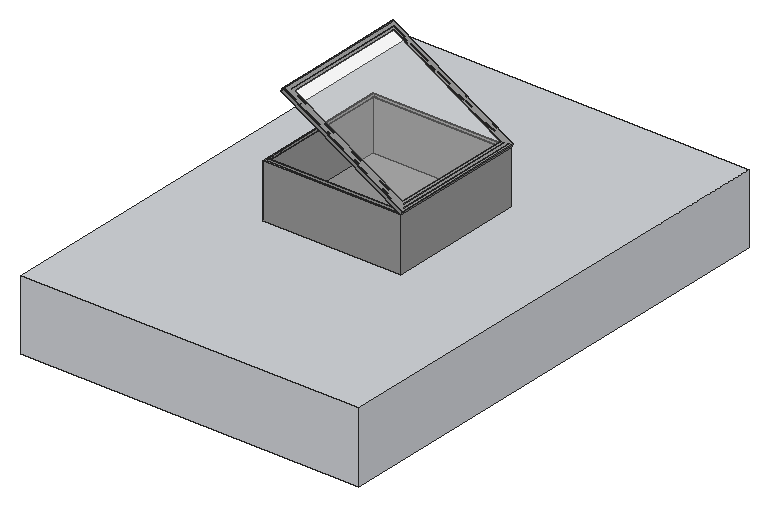
Revit family "Hager-Orion_Inox-IP66-D250-Cl.I-Inox_encl-630A-600mm-CH-en", category Equipement électrique, Revit 2020
Family settings
  Hôte = Face
  Configuration du panneau = Deux colonnes, circuits au sein
  Cote de connecteur circulaire = Utiliser le diamètre
  Type d'élément = Tableau de raccordement
  Couper avec des vides une fois chargée = Non
  Partagée = Non
  Point de calcul de pièce = Non
Parameters (values of type "Surface mounted (plaster) IP66 W600 H600 D250  - FL029TWL")
  Width Control [instance] = if([EF000008 - Width] > Min Width, [EF000008 - Width], Min Width)  # 600 mm
  Commentaires du type = [HG000003 - Range]  # "Orion Inox"
  Thickness Door [instance] = if([EF009171 - Material plate thickness door/cover] > 3 mm, 3 mm, [EF009171 - Material plate thickness door/cover])  # 1.5 mm
  Seal Frame Offset [instance] = 17 mm  # constant formula
  Model = ""
  Min Width [instance] = 100 mm  # constant formula
  Min Height [instance] = 100 mm  # constant formula
  Min Depth [instance] = (2 * [EF009170 - Material plate thickness cabinet]) + 1 mm  # 4 mm
  Internal Frame Depth [instance] = (Door System Depth * 0.5)  # 9 mm
  Height Control [instance] = if([EF000040 - Height] > Min Height, [EF000040 - Height], Min Height)  # 600 mm
  HG000027 - Plinth height = 0 mm
  HG000026 - Floor standing = no
  HG000024 - Bottom section height = 800 mm
  HG000023 - Double section enclosure = no
  HG000016 - Door 3d visibility [instance] = yes
  HG000015 - Clearance visibility [instance] = no
  HG000014 - Door on the right [instance] = yes
  HG000013 - Door on the left [instance] = not([HG000014 - Door on the right])  # no
  HG000012 - Door swing angle [instance] = 30.00°
  HG000010 - Asymmetric doors = no
  HG000009 - Double swing door = no
  HG000006 - Flush mounted = no
  HG000004 - Manufacturer reference = "FL029TWL"
  HG000003 - Range = "Orion Inox"
  HG000002 - With door or cover = yes
  Frame Offset Bottom [instance] = 10 mm  # constant formula
  Frame Offset [instance] = 15 mm  # constant formula
  EF015940 - Cover with overpressure release = no
  EF011959 - Degree of protection (NEMA) = ""
  EF009554 - Number of openings for flange plates = 0
  EF009212 - Cover model = "EV000116 - Closed"
  EF009171 - Material plate thickness door/cover = 1.5 mm
  EF009170 - Material plate thickness cabinet = 1.5 mm
  Fabricant = "Hager"  # constant formula
  EF008873 - Nominal current (In) = 630 A
  EF007800 - Suitable for lightning protection = no
  EF006306 - With lock = yes
  EF006244 - Transparent cover/door = yes
  EF005474 - Degree of protection (IP) = "EV006422 - IP66"
  EF004464 - Type of door = "EV002646 - Single"
  EF004427 - Number of modules = 0
  EF004293 - Impact strength = "EV006814 - IK08"
  EF003532 - Suitable for outdoor use = yes
  EF002950 - Width in number of modular spacings = 0
  EF001613 - Circuit integrity = "EV000494 - None"
  EF001596 - Material housing = "EV000166 - Stainless steel"
  EF001131 - Internal depth = 216 mm
  EF001088 - Extension possible = yes
  EF000437 - Number of conduit inlets = 0
  EF000339 - Type of cover = "EV004216 - Door"
  EF000266 - Number of rows = 0
  EF000218 - Built-in depth = 0 mm
  EF000118 - With mounting plate = no
  EF000116 - RAL-number = ""
  EF000049 - Depth = 250 mm
  EF000040 - Height = 600 mm
  EF000008 - Width = 600 mm
  EF000007 - Colour = "EV000154 - Other"
  EF000003 - Mounting method = "EV000384 - Surface mounted (plaster)"
  Door System Leaf Tolerance [instance] = 1.5 mm  # constant formula
  Door System Depth [instance] = 18 mm  # constant formula
  Depth Control [instance] = if([EF000049 - Depth] > Min Depth, [EF000049 - Depth], Min Depth)  # 250 mm
  Default Elevation = 0 mm
Types (4, lengths in mm): name | Width Control | HG000004 - Manufacturer reference | EF009212 - Cover model | EF006306 - With lock | EF006244 - Transparent cover/door | EF004293 - Impact strength | EF001613 - Circuit integrity | EF000008 - Width
  Surface mounted (plaster) IP66 W400 H600 D250  - FL029BW | 400 | "FL029BW" | "EV009916 - With notch" | no | no | "EV008784 - IK10" | "" | 400
  Surface mounted (plaster) IP66 W600 H600 D250  - FL029BWL | 600 | "FL029BWL" | "EV009916 - With notch" | no | no | "EV008784 - IK10" | "" | 600
  Surface mounted (plaster) IP66 W600 H600 D250  - FL029TW | 600 | "FL029TW" | "EV000116 - Closed" | yes | yes | "EV006814 - IK08" | "EV000494 - None" | 600
  Surface mounted (plaster) IP66 W600 H600 D250  - FL029TWL | 600 | "FL029TWL" | "EV000116 - Closed" | yes | yes | "EV006814 - IK08" | "EV000494 - None" | 600
Reference planes
  plane 1 "Center (Front/Back)": y = 0
  plane 2: z = 0
  plane 3 "Center (Left/Right)": x = 0
  plane 4: z = 250
  plane 5: y = 1.5
  plane 6: y = 300
  plane 7: y = 0
  plane 8: y = 600
  plane 9: z = 0
  plane 10: x = -285
  plane 11: x = 285
  plane 12: x = 283.5
  plane 13: x = -283.5
  plane 14: y = 598.5
  plane 15: x = -283
  plane 16: x = -300
  plane 17: x = 283
  plane 18: x = 300
  plane 19: x = 298.5
  plane 20: x = -298.5
  plane 21: y = 11.5
  plane 22: y = 600
  plane 23: y = 583.5
  plane 24: z = 232
  plane 25: z = 1.5
  plane 26: z = 230.5
  plane 27: z = 248.5
Forms (mm)
  Extrusion 1, solid
    sketch origin (0, 0, 0) x (1, 0, 0) y (0, 1, 0)
      loop
        line (-702.964, 1305) -> (-702.964, -811.445) -> (766.763, -811.445) -> (766.763, 1305) -> (-702.964, 1305)
    from 0 to -304.8
  Extrusion 2, solid, material "Hager_Stainless_Steel", detail levels medium+fine
    sketch origin (0, 0, 0) x (1, 0, 0) y (0, 1, 0)
      loop
        line (-300, 0) -> (300, 0) -> (300, 600) -> (-300, 600) -> (-300, 0)
    from 0 to 232
  Extrusion 3, solid, material "Hager_Steel_RAL 7035_Light_Grey", not visible, detail levels medium+fine
    sketch origin (0, 28.16, 50.802) x (0, 1, 0) y (0, 0, 1)
      loop
        line (323.34, -50.802) -> (323.34, 187.698)
        arc (323.34, 187.698) -> (320.411, 194.769) -> (313.34, 197.698) r 10
        line (313.34, 197.698) -> (283.34, 197.698) -> (283.34, -50.802) -> (323.34, -50.802)
    from -298.5 to 298.5
  Extrusion 4, void
    sketch origin (0, 0, 0) x (1, 0, 0) y (0, 1, 0)
      loop
        line (-298.5, 1.5) -> (298.5, 1.5) -> (298.5, 598.5) -> (-298.5, 598.5) -> (-298.5, 1.5)
    from 1.5 to 230.5
  Extrusion 5, void
    sketch origin (-381.607, -4572, 232) x (0, -1, 0) y (-1, 0, 0)
      loop
        line (-4583.5, -98.107) -> (-5155.5, -98.107) -> (-5155.5, -665.107) -> (-4583.5, -665.107) -> (-4583.5, -98.107)
    from 0 to 1.5 <- "EF009170 - Material plate thickness cabinet"
  Extrusion 6, solid, material "Hager_Stainless_Steel", detail levels fine
    sketch origin (-381.607, -4572, 232) x (-1, 0, 0) y (0, -1, 0)
      loop
        line (-98.107, -4583.5) -> (-665.107, -4583.5) -> (-665.107, -5155.5) -> (-98.107, -5155.5) -> (-98.107, -4583.5)
      loop
        line (-97.107, -4582) -> (-666.107, -4582) -> (-666.107, -5157) -> (-97.107, -5157) -> (-97.107, -4582)
    from 0 to 9 <- "Internal Frame Depth"
  Extrusion 7, solid, material "Hager_Stainless_Steel", detail levels coarse
    sketch origin (0, 0, 0) x (1, 0, 0) y (0, 1, 0)
      loop
        line (-300, 0) -> (300, 0) -> (300, 600) -> (-300, 600) -> (-300, 0)
    from 0 to 250
Cuts and joins
  Extrusion 4, Extrusion 5 cuts Extrusion 2
Lines and regions (mm)
  Masking region 1
    outline origin (0, 0, 0) x (1, 0, 0) y (0, 0, 1)
      loop
        line (-300, 250) -> (-300, 0) -> (300, 0) -> (300, 250) -> (-300, 250)
  Masking region 2, detail levels medium+fine
    outline origin (0, 140, 0) x (0, 1, 0) y (0, 0, 1)
      loop
        line (-140, 0) -> (460, 0) -> (460, 232) -> (-140, 232) -> (-140, 0)
  Masking region 3, not visible, detail levels medium+fine
    outline origin (0, 297.922, 0) x (0, 1, 0) y (0, 0, 1)
      loop
        line (13.578, 0) -> (53.578, 0) -> (53.578, 238.5)
        arc (53.578, 238.5) -> (50.649, 245.571) -> (43.578, 248.5) r 10
        line (43.578, 248.5) -> (13.578, 248.5) -> (13.578, 0)
  Masking region 4, detail levels coarse
    outline origin (0, 0, 180) x (0, 1, 0) y (0, 0, 1)
      loop
        line (0, -180) -> (600, -180) -> (600, 70) -> (0, 70) -> (0, -180)
  Masking region 5
    outline origin (-381.607, -4572, 232) x (-1, 0, 0) y (0, -1, 0)
      loop
        line (-81.607, -5172) -> (-81.607, -4572) -> (-681.607, -4572) -> (-681.607, -5172) -> (-81.607, -5172)
Dimensions and locks
  "Depth Control": plane 4 to Extrusion 1
  "EF009170 - Material plate thickness cabinet": plane 5 to plane 7
  locked: connector elem to plane 3 "Center (Left/Right)"
  equal spacing: plane 8, plane 6, plane 7
  locked: connector elem to plane 6
  "EF009170 - Material plate thickness cabinet": plane 8 to plane 14
  "EF009170 - Material plate thickness cabinet": plane 10 to plane 13
  "EF009170 - Material plate thickness cabinet": plane 12 to plane 11
  "Frame Offset": plane 20 to plane 13
  "Frame Offset": plane 12 to plane 19
  "EF009170 - Material plate thickness cabinet": plane 16 to plane 20
  "EF009170 - Material plate thickness cabinet": plane 19 to plane 18
  "Seal Frame Offset": plane 16 to plane 15
  "Seal Frame Offset": plane 17 to plane 18
  "Frame Offset Bottom": plane 21 to plane 5
  "Frame Offset": plane 14 to plane 23
  equal spacing: plane 16, plane 3 "Center (Left/Right)", plane 18
  "Width Control": plane 16 to plane 18
  "EF009170 - Material plate thickness cabinet": plane 4 to plane 27
  "EF009170 - Material plate thickness cabinet": plane 24 to plane 26
  "EF009170 - Material plate thickness cabinet": plane 25 to level
  "Door System Depth": plane 4 to plane 24
  "Height Control": plane 1 "Center (Front/Back)" to Extrusion 7 sketch curve
  "Height Control": Masking region 4 sketch curve to plane 1 "Center (Front/Back)"
  "Thickness Door": Extrusion 6 sketch curve to plane 15
  "Thickness Door": plane 21 to Extrusion 6 sketch curve
  "Thickness Door": plane 17 to Extrusion 6 sketch curve
  "Thickness Door": Extrusion 6 sketch curve to plane 23
  "Height Control": plane 1 "Center (Front/Back)" to plane 22
  radius of Masking region 3 sketch curve = 10 mm
  radius of Extrusion 3 sketch curve = 10 mm
  aligned and locked: plane 2 to Extrusion 1
  aligned and locked: level to Extrusion 1
  aligned and locked: level to Masking region 1 sketch curve
  aligned and locked: Masking region 1 sketch curve to plane 18
  aligned and locked: Masking region 1 sketch curve to plane 16
  aligned and locked: plane 7 to Masking region 2 sketch curve
  aligned and locked: level to Masking region 3 sketch curve
  aligned and locked: Masking region 3 sketch curve to plane 27
  aligned and locked: level to Masking region 2 sketch curve
  aligned and locked: Extrusion 2 sketch curve to plane 7
  aligned and locked: plane 16 to Extrusion 2 sketch curve
  aligned and locked: plane 18 to Extrusion 2 sketch curve
  aligned and locked: Extrusion 3 sketch curve to level
  aligned and locked: plane 27 to Extrusion 3 sketch curve
  aligned and locked: plane 20 to Extrusion 3
  aligned and locked: plane 19 to Extrusion 3
  aligned and locked: plane 20 to Extrusion 4 sketch curve
  aligned and locked: plane 19 to Extrusion 4 sketch curve
  aligned and locked: Extrusion 4 sketch curve to plane 5
  aligned and locked: Extrusion 4 to plane 25
  aligned and locked: plane 26 to Extrusion 4
  aligned and locked: plane 24 to Extrusion 2
  aligned and locked: Extrusion 5 sketch curve to plane 21
  aligned and locked: Extrusion 5 sketch curve to plane 13
  aligned and locked: Extrusion 5 sketch curve to plane 12
  aligned and locked: plane 18 to Extrusion 7 sketch curve
  aligned and locked: plane 1 "Center (Front/Back)" to Extrusion 7 sketch curve
  aligned and locked: plane 16 to Extrusion 7 sketch curve
  aligned and locked: plane 4 to Extrusion 7
  aligned and locked: Extrusion 7 to level
  aligned and locked: level to Masking region 4 sketch curve
  aligned and locked: Masking region 4 sketch curve to plane 1 "Center (Front/Back)"
  aligned and locked: Masking region 4 sketch curve to plane 4
  aligned and locked: nested 1 to level
  aligned and locked: nested 1 to plane 16
  aligned and locked: plane 8 to Extrusion 2 sketch curve
  aligned and locked: plane 23 to Extrusion 5 sketch curve
  aligned and locked: plane 14 to Extrusion 4 sketch curve
  aligned and locked: Extrusion 6 sketch curve to plane 21
  aligned and locked: plane 13 to Extrusion 6 sketch curve
  aligned and locked: plane 23 to Extrusion 6 sketch curve
  aligned and locked: plane 12 to Extrusion 6 sketch curve
  aligned and locked: Masking region 2 sketch curve to plane 8
  aligned and locked: Masking region 2 sketch curve to plane 24
  aligned and locked: nested 2 to plane 3 "Center (Left/Right)"
  aligned and locked: nested 2 to plane 24
  aligned and locked: Masking region 5 sketch curve to plane 1 "Center (Front/Back)"
  aligned and locked: Masking region 5 sketch curve to plane 18
  aligned and locked: Masking region 5 sketch curve to plane 22
  aligned and locked: Masking region 5 sketch curve to plane 16
  aligned and locked: plane 8 to plane 22
  aligned and locked: plane 7 to plane 1 "Center (Front/Back)"
  aligned and locked: nested 2 to plane 1 "Center (Front/Back)"
Automatic sketch dimensions
  Extrusion 1 sketch curve to Extrusion 1 sketch curve = 1469.727 mm
  Extrusion 1 sketch curve to Extrusion 1 sketch curve = 2116.445 mm
  plane 6 to Masking region 3 sketch curve = 11.5 mm
  Masking region 3 sketch curve to Masking region 3 sketch curve = 30 mm
  plane 6 to Extrusion 3 sketch curve = 11.5 mm
  Extrusion 3 sketch curve to Extrusion 3 sketch curve = 30 mm
  Masking region 1 sketch curve to plane 4 = 0 mm
Nested families
  nested 1: "Hager_Enclosure_Symbol" at (-300, 0, 0) x (1, 0, 0) z (0, -1, 0), Height <- "Depth Control", Width <- "Width Control", type "Hager_Enclosure_Symbol"
    with Width_Ctrl 600 mm, Width 600 mm, Height_Ctrl 250 mm, Height 250 mm, A_Width_Int 16.406 mm, A_Width 196.875 mm, A_Height_Ctrl 218.75 mm, A_Height 218.75 mm
  nested 2: "EC000058_OrionInox_Door" at (0, 600, 232) x (1, 0, 0) z (0, -1, 0), Leaf_Tolerance <- "Door System Leaf Tolerance", Angle <- "HG000012 - Door swing angle", Door_Depth <- "Door System Depth", Door_Left <- "HG000013 - Door on the left", Transparent <- "EF006244 - Transparent cover/door", Assymetrical <- "HG000010 - Asymmetric doors", Width <- "Width Control", Clearance <- "HG000015 - Clearance visibility", Double <- "HG000009 - Double swing door", 3d_Door <- "HG000016 - Door 3d visibility", Width_Ctrl <- "Width Control", Door_Right <- "HG000014 - Door on the right", Door <- "HG000002 - With door or cover", Height <- "Height Control", Thickness <- "Thickness Door", type "EC000058_OrionInox_Door", detail levels medium+fine
    with min_wh 4 mm, Width_Ctrl 600 mm, Width 600 mm, Transparent yes, Thickness 1.5 mm, Seal_Material Hager_Rubber, Leaf_Width 600 mm, Leaf_Tolerance_External_Sides 0 mm, Leaf_Tolerance 1.5 mm, Leaf_Offset 0 mm, Leaf_Height 597 mm, Leaf_2_Width 600 mm, Leaf_2_Offset 300 mm, Leaf_1_Width 600 mm, Leaf_1_Offset 300 mm, Height_Ctrl 600 mm, Height 600 mm, Glass_Material Hager_Glass, Double_Clearance_Ctrl no, Double no, Door_Right_Ctrl yes, Door_Right yes, Door_Material Hager_Stainless_Steel, Door_Left_Ctrl no, Door_Left no, Door_Depth 18 mm, Door yes, Clearance_Material Hager_Clearance, Clearance_Depth 600 mm, Clearance_Ctrl no, Clearance no, Assymetrical no, Angle 30.00°, 3d_Door yes
Connectors
  electrical at (0, 300, 0)
    settings: on plane 9, index 1, voltage 0 V, apparent load 0 VA, apparent load phase1 0 VA, apparent load phase2 0 VA, apparent load phase3 0 VA, power factor 1, load classification "Other", number of poles 1, system type 30, power factor state 1, is connector primary yes, connector utility no, sub classification motor no, connector description ""
Definition of nested family "EC000058_OrionInox_Door"
  Parameters (values of type "EC000058_OrionInox_Door")
    min_wh [instance] = (2 * Thickness) + 1 mm  # 11 mm
    Width_Ctrl [instance] = 400 mm
    Width [instance] = 500 mm
    Transparent [instance] = yes
    Thickness [instance] = 5 mm
    Seal_Material [instance] = none
    Leaf_Width [instance] = if((Width_Ctrl - 2 * Leaf_Tolerance_External_Sides) > 0 mm, (Width_Ctrl - 2 * Leaf_Tolerance_External_Sides), min_wh)  # 400 mm
    Leaf_Tolerance_External_Sides [instance] = 0 mm  # constant formula
    Leaf_Tolerance [instance] = 1.5 mm
    Leaf_Offset [instance] = 0 mm  # constant formula
    Leaf_Height [instance] = if((Height_Ctrl - 2 * Leaf_Tolerance) > 0 mm, (Height_Ctrl - 2 * Leaf_Tolerance), min_wh)  # 497 mm
    Leaf_2_Width [instance] = if(and(and(Double, Assymetrical), Door_Left), (Leaf_Width / 3) - (Leaf_Tolerance / 2), if(and(and(Double, Assymetrical), Door_Right), (Leaf_Width / 3) * 2 - (Leaf_Tolerance / 2), if(and(Double, not(Assymetrical)), (Leaf_Width / 2) - Leaf_Tolerance, Leaf_Width)))  # 400 mm
    Leaf_2_Offset [instance] = if(and(Double, Assymetrical), Leaf_2_Width / 2, if(and(Double, not(Assymetrical)), Leaf_Width / 4, Leaf_Width / 2))  # 200 mm
    Leaf_1_Width [instance] = if(and(and(Double, Assymetrical), Door_Right), (Leaf_Width / 3) - (Leaf_Tolerance / 2), if(and(and(Double, Assymetrical), Door_Left), (Width / 3) * 2 - (Leaf_Tolerance / 2), if(and(Double, not(Assymetrical)), (Leaf_Width / 2) - Leaf_Tolerance, Leaf_Width)))  # 400 mm
    Leaf_1_Offset [instance] = if(and(Double, Assymetrical), Leaf_1_Width / 2, if(and(Double, not(Assymetrical)), Leaf_Width / 4, Leaf_Width / 2))  # 200 mm
    Height_Ctrl [instance] = if(Height > min_wh, Height, min_wh)  # 500 mm
    Height [instance] = 500 mm
    Glass_Material [instance] = none
    Double_Clearance_Ctrl [instance] = and(Double, Clearance)  # no
    Double [instance] = no
    Door_Right_Ctrl [instance] = and(or(Door_Right, Double), Door)  # yes
    Door_Right [instance] = yes
    Door_Material [instance] = none
    Door_Left_Ctrl [instance] = and(or(Door_Left, Double), Door)  # no
    Door_Left [instance] = no
    Door_Depth [instance] = 30 mm
    Door [instance] = yes
    Default Elevation = 1219.2 mm
    Clearance_Material [instance] = none
    Clearance_Depth [instance] = if(Leaf_1_Width > Leaf_2_Width, Leaf_1_Width, Leaf_2_Width)  # 400 mm
    Clearance_Ctrl [instance] = and(not(Double), Clearance)  # yes
    Clearance [instance] = yes
    Assymetrical [instance] = yes
    Angle [instance] = 30.00°
    3d_Door [instance] = yes
  Reference planes
    plane 1 "Center (Front/Back)": y = 0
    plane 2 "Bottom": z = 0
    plane 3 "Center (Left/Right)": x = 0
    plane 4: z = 500
    plane 5: x = -200
    plane 6: x = 200
    plane 7: z = 500
    plane 8: x = -200
    plane 9: z = 0
    plane 10: x = 200
    plane 11: y = 0
    plane 12: z = 1.5
    plane 13: x = -600
    plane 14: y = -400
    plane 15: x = 600
    plane 16: x = 0
    plane 17: x = 0
    plane 18: x = -200
    plane 19: x = 200
    plane 20: z = 498.5
  Forms (mm)
    Extrusion 1, solid, material <- "Clearance_Material", visible <- "Double_Clearance_Ctrl"
      sketch origin (1200, 0, 0) x (1, 0, 0) y (0, 0, -1)
        loop
          line (-1800, -498.5) -> (-600, -498.5) -> (-600, 0) -> (-1800, 0) -> (-1800, -498.5)
      from 0 to -400
  Dimensions and locks
    equal spacing: plane 5, plane 3 "Center (Left/Right)", plane 6
    "Width_Ctrl": plane 5 to plane 6
    "Leaf_Offset": plane 5 to plane 8
    "Leaf_Offset": plane 6 to plane 10
    "Leaf_Offset": plane 9 to level
    "Leaf_Offset": plane 4 to plane 7
    "Height_Ctrl": plane 4 to level
    "Leaf_Tolerance": plane 12 to plane 9
    locked: plane 11 to plane 1 "Center (Front/Back)"
    "Leaf_1_Offset": plane 18 to plane 16
    "Leaf_2_Offset": plane 17 to plane 19
    "Leaf_1_Width": plane 13 to plane 8
    "Leaf_2_Width": plane 10 to plane 15
    "Clearance_Depth": plane 14 to plane 1 "Center (Front/Back)"
    "Leaf_Tolerance_External_Sides": plane 8 to plane 18
    "Leaf_Tolerance_External_Sides": plane 19 to plane 10
    "Leaf_Tolerance": plane 7 to plane 20
    aligned and locked: level to plane 2 "Bottom"
    aligned and locked: nested 1 to plane 16
    aligned and locked: nested 2 to plane 17
    aligned and locked: Extrusion 1 to plane 13
    aligned and locked: plane 15 to Extrusion 1
    aligned and locked: Extrusion 1 to plane 14
    aligned and locked: plane 12 to nested 1
    aligned and locked: nested 2 to plane 12
    aligned and locked: Extrusion 1 to plane 11
    aligned and locked: plane 20 to Extrusion 1
    aligned and locked: nested 2 to plane 11
    aligned and locked: nested 1 to plane 11
  Automatic sketch dimensions
    Extrusion 1 sketch curve to level = 0 mm
    plane 5 to Extrusion 1 sketch curve = 400 mm
    plane 6 to Extrusion 1 sketch curve = 400 mm
    Extrusion 1 sketch curve to plane 4 = 1.5 mm
  Nested families
    nested 1: "EC000058_OrionInox_Door_Leaf" at (0, 0, 1.5), Width <- "Leaf_1_Width", visible <- "Door_Left_Ctrl", Leaf_Height <- "Leaf_Height", Angle <- "Angle", 3d_Door <- "3d_Door", Transparent <- "Transparent", Clearance Material <- "Clearance_Material", Clearance <- "Clearance_Ctrl", Door_Material <- "Door_Material", Glass_Material <- "Glass_Material", Door_Depth <- "Door_Depth", Seal_Material <- "Seal_Material", Thickness <- "Thickness", type "EC000058_OrionInox_Door_Leaf"
      with Width 400 mm, Transparent_Ctrl yes, Transparent yes, Thickness 5 mm, Standard no, Seal_Material none, Seal_D2 8 mm, Seal_D1 1 mm, Offset_Internal_Frame 10 mm, Lock_Width 28 mm, Lock_Thickness 2 mm, Lock_Radius 6 mm, Leaf_Height 497 mm, Internal_Seal_Thickness 8 mm, Internal_Seal_Depth_2 4.5 mm, Internal_Frame_Depth 25 mm, Glass_Thickness -1 mm, Glass_Offset -2 mm, Glass_Material none, Door_Material none, Door_Depth 30 mm, Clearance Material none, Clearance yes, Angle_Ctrl 30.00°, Angle 30.00°, 3d_Door yes
    nested 2: "EC000058_OrionInox_Door_Leaf" at (0, 0, 1.5) x (-1, 0, 0) z (0, 0, 1), Width <- "Leaf_2_Width", visible <- "Door_Right_Ctrl", Leaf_Height <- "Leaf_Height", Angle <- "Angle", 3d_Door <- "3d_Door", Transparent <- "Transparent", Clearance Material <- "Clearance_Material", Clearance <- "Clearance_Ctrl", Door_Material <- "Door_Material", Glass_Material <- "Glass_Material", Door_Depth <- "Door_Depth", Seal_Material <- "Seal_Material", Thickness <- "Thickness", type "EC000058_OrionInox_Door_Leaf"
      with Width 400 mm, Transparent_Ctrl yes, Transparent yes, Thickness 5 mm, Standard no, Seal_Material none, Seal_D2 8 mm, Seal_D1 1 mm, Offset_Internal_Frame 10 mm, Lock_Width 28 mm, Lock_Thickness 2 mm, Lock_Radius 6 mm, Leaf_Height 497 mm, Internal_Seal_Thickness 8 mm, Internal_Seal_Depth_2 4.5 mm, Internal_Frame_Depth 25 mm, Glass_Thickness -1 mm, Glass_Offset -2 mm, Glass_Material none, Door_Material none, Door_Depth 30 mm, Clearance Material none, Clearance yes, Angle_Ctrl 30.00°, Angle 30.00°, 3d_Door yes
  Definition of nested family "EC000058_OrionInox_Door_Leaf"
    Parameters (values of type "EC000058_OrionInox_Door_Leaf")
      Width [instance] = 450 mm
      Transparent_Ctrl [instance] = and(Transparent, [3d_Door])  # yes
      Transparent [instance] = yes
      Thickness [instance] = 5 mm
      Standard [instance] = and(not(Transparent), [3d_Door])  # no
      Seal_Material [instance] = none
      Seal_D2 [instance] = 8 mm  # constant formula
      Seal_D1 [instance] = 1 mm  # constant formula
      Offset_Internal_Frame [instance] = 10 mm  # constant formula
      Lock_Width [instance] = Door_Depth - Lock_Thickness  # 28 mm
      Lock_Thickness [instance] = 2 mm  # constant formula
      Lock_Radius [instance] = 6 mm  # constant formula
      Leaf_Height [instance] = 450 mm
      Internal_Seal_Thickness [instance] = 8 mm  # constant formula
      Internal_Seal_Depth_2 [instance] = 4.5 mm  # constant formula
      Internal_Frame_Depth [instance] = if(Door_Depth - Thickness > 5 mm, Door_Depth - Thickness, 5 mm)  # 25 mm
      Glass_Thickness [instance] = if(Thickness > 15 mm, Glass_Offset + 10 mm, -1 mm)  # -1 mm
      Glass_Offset [instance] = if(Thickness > 15 mm, -(Thickness + 10 mm) / 2, -2 mm)  # -2 mm
      Glass_Material [instance] = none
      Door_Material [instance] = none
      Door_Depth [instance] = 30 mm
      Default Elevation = 0 mm
      Clearance Material [instance] = none
      Clearance [instance] = yes
      Angle_Ctrl [instance] = if(Angle > 180.00°, 180.00°, Angle)  # 90.00°
      Angle [instance] = 90.00°
      3d_Door [instance] = yes
    Reference planes
      plane 1 "Center (Front/Back)": y = 0
      plane 2: z = 0
      plane 3 "Center (Left/Right)": x = 0
      plane 4: y = 450
      plane 5: x = -225
      plane 6: x = 225
      plane 7: x = -675
      plane 8: z = 450
      plane 9: z = 30
      plane 10: z = 420
      plane 11: x = 195
      plane 12: x = -195
      plane 13: y = -3
      plane 14: z = 107.833
      plane 15: y = -5
      plane 16: y = -223.314
      plane 17: x = -225
      plane 18: y = 30
    Forms (mm)
      Extrusion 1, solid, material <- "Clearance Material", visible <- "Clearance"
        sketch origin (0, 0, 0) x (1, 0, 0) y (0, 0, 1)
          loop
            line (-675, 450) -> (-675, 0) -> (225, 0) -> (225, 450) -> (-675, 450)
        from 0 to -450
      Extrusion 2, solid, material <- "Door_Material", visible <- "Standard", detail levels medium+fine
        sketch origin (-225, 0, 0) x (0, 1, 0) y (-1, 0, 0)
          loop
            line (0, 30) -> (0, 25) -> (450, 25) -> (450, 30) -> (0, 30)
        from 0 to 450 <- "Leaf_Height"
      Extrusion 3, solid, material <- "Door_Material", visible <- "Transparent_Ctrl", detail levels medium+fine
        sketch origin (-225, 0, 0) x (0, 1, 0) y (-1, 0, 0)
          loop
            line (0, 25) -> (450, 25) -> (450, 30) -> (0, 30) -> (0, 25)
        from 0 to 450 <- "Leaf_Height"
      Extrusion 4, void
        sketch origin (-250, 450, 0) x (0, 1, 0) y (0, 0, -1)
          loop
            line (-30, -420) -> (-30, -30) -> (-420, -30) -> (-420, -420) -> (-30, -420)
        from 0 to 5 <- "Thickness"
      Sweep 5, solid, material <- "Seal_Material", visible <- "Transparent_Ctrl", detail levels fine
        path in 3D
          loop
            line (-250, 30, 30) -> (-250, 30, 420) -> (-250, 420, 420) -> (-250, 420, 30) -> (-250, 30, 30)
        profile origin (-250, 225, 30) x (1, 0, 0) y (0, 0, 1)
          loop
            line (0, 0) -> (0, -8) -> (1, -8) -> (1, 0) -> (0, 0)
      Extrusion 6, solid, material <- "Glass_Material", visible <- "Transparent_Ctrl", detail levels medium+fine
        sketch origin (-255, 0, 0) x (0, 1, 0) y (0, 0, -1)
          loop
            line (420, -420) -> (420, -30) -> (30, -30) -> (30, -420) -> (420, -420)
        from -2 <- "Glass_Offset" to -1 <- "Glass_Thickness"
      Extrusion 7, solid, material <- "Door_Material", visible <- "3d_Door", detail levels medium+fine
        sketch origin (-250, 450, 0) x (0, -1, 0) y (0, 0, -1)
          loop
            line (0, -450) -> (450, -450) -> (450, 0) -> (0, 0) -> (0, -450)
          loop
            line (445, -5) -> (5, -5) -> (5, -445) -> (445, -445) -> (445, -5)
        from 0 to 25 <- "Internal_Frame_Depth"
      Sweep 8, solid, material <- "Seal_Material", visible <- "Transparent_Ctrl", detail levels fine
        path in 3D
          loop
            line (-250, 0, 0) -> (-250, 450, 0) -> (-250, 450, 450) -> (-250, 0, 450) -> (-250, 0, 0)
        profile origin (-250, 0, 225) x (1, 0, 0) y (0, 1, 0)
          loop
            line (0, 10) -> (2.975, 10)
            arc (2.975, 10) -> (4.053, 10.447) -> (4.5, 11.525) r 1.525
            line (4.5, 11.525) -> (4.5, 16.527)
            arc (4.5, 16.527) -> (4.069, 17.569) -> (3.027, 18) r 1.473
            line (3.027, 18) -> (0, 18) -> (0, 10)
    Cuts and joins
      Extrusion 4 cuts Extrusion 3
    Lines and regions (mm)
      Masking region 1, detail levels medium+fine
        outline origin (0, 0, 0) x (0, 1, 0) y (0, 0, 1)
          loop
            line (0, 0) -> (30, 0) -> (30, 450) -> (0, 450) -> (0, 0)
      Masking region 2, detail levels medium+fine
        outline origin (0, 0, 0) x (1, 0, 0) y (0, 0, 1)
          loop
            line (-225, 450) -> (-225, 0) -> (225, 0) -> (225, 450) -> (-225, 450)
      symbolic lines
        curve 1: line (225, 0, 0) -> (-675, 0, 0)
        curve 2: arc (225, 0, 0) -> (-225, 450, 0) -> (-675, 0, 0) r 450
        curve 4: line (-255, 0, 0) -> (-255, 450, 0)
      reference lines
        curve 3: line (-225, 0, 0) -> (-225, 450, 0)
      symbolic lines, detail levels medium+fine
        curve 5: line (-255, 450, 0) -> (-250, 450, 0)
        curve 7: line (-250, 0, 0) -> (-255, 0, 0)
        curve 8: line (-250, 0, 0) -> (-225, 0, 0)
        curve 9: line (-225, 0, 0) -> (-225, 450, 0)
        curve 10: line (-225, 450, 0) -> (-250, 450, 0)
      symbolic lines, detail levels fine
        curve 6: line (-250, 450, 0) -> (-250, 0, 0)
      sketch lines
        curve 11: line (-250, 0, 450) -> (-250, 0, 0)
        curve 12: line (-250, 450, 0) -> (-250, 0, 0)
        curve 13: line (-250, 450, 450) -> (-250, 450, 0)
        curve 14: line (-250, 0, 450) -> (-250, 450, 450)
        curve 15: line (-250, 420, 30) -> (-250, 30, 30)
        curve 16: line (-250, 30, 30) -> (-250, 30, 420)
        curve 17: line (-250, 420, 420) -> (-250, 420, 30)
        curve 18: line (-250, 30, 420) -> (-250, 420, 420)
      symbolic lines, visible <- "Transparent", detail levels medium+fine
        curve 19: line (-195, 0, 420) -> (195, 0, 420)
        curve 20: line (-195, 0, 30) -> (-195, 0, 420)
        curve 21: line (195, 0, 30) -> (-195, 0, 30)
        curve 22: line (195, 0, 420) -> (195, 0, 30)
    Dimensions and locks
      "Width": plane 1 "Center (Front/Back)" to plane 4
      equal spacing: plane 5, plane 3 "Center (Left/Right)", plane 6
      "Width": plane 5 to plane 6
      "Width": plane 7 to plane 5
      "Leaf_Height": plane 8 to level
      "Width": curve 5 to curve 3
      "Width": curve 3 to curve 3
      plane 8 to plane 10 = 30 mm
      plane 9 to level = 30 mm
      plane 12 to plane 5 = 30 mm
      plane 6 to plane 11 = 30 mm
      Extrusion 4 sketch curve to Extrusion 3 = 30 mm
      Extrusion 3 to Extrusion 4 sketch curve = 30 mm
      Extrusion 1 to Extrusion 4 sketch curve = 30 mm
      curve 3 to Extrusion 4 sketch curve = 30 mm
      Extrusion 4 sketch curve to cut or joined group of Extrusion 3, Extrusion 4 = 30 mm
      cut or joined group of Extrusion 3, Extrusion 4 to Extrusion 6 sketch curve = 30 mm
      cut or joined group of Extrusion 3, Extrusion 4 to Extrusion 4 sketch curve = 30 mm
      "Thickness": curve 6 to curve 4
      "Thickness": Extrusion 7 sketch curve to Extrusion 7 sketch curve  (x4)
      "Door_Depth": curve 4 to curve 3
      "Offset_Internal_Frame": profile plane to Sweep 8 sketch curve
      "Internal_Seal_Thickness": Sweep 8 sketch curve to Sweep 8 sketch curve
      "Internal_Seal_Depth_2": profile plane to Sweep 8 sketch curve
      "Seal_D1": profile plane to Sweep 5 sketch curve
      "Seal_D2": profile plane to Sweep 5 sketch curve
      "Thickness": Extrusion 2 sketch curve to Extrusion 2 sketch curve
      "Door_Depth": plane 18 to plane 1 "Center (Front/Back)"
      radius of Sweep 8 sketch curve = 1.525 mm
      radius of Sweep 8 sketch curve = 1.473 mm
      "Angle_Ctrl": angle plane 1 "Center (Front/Back)" to curve 3
      aligned and locked: level to plane 2
      aligned and locked: Extrusion 1 to curve 1
      aligned and locked: plane 6 to Extrusion 1
      aligned and locked: plane 1 "Center (Front/Back)" to Extrusion 1
      aligned and locked: plane 4 to Extrusion 1
      aligned and locked: plane 8 to Extrusion 1
      aligned and locked: curve 7 to Extrusion 2 sketch curve
      aligned and locked: curve 5 to Extrusion 2 sketch curve
      aligned and locked: curve 7 to Extrusion 3 sketch curve
      aligned and locked: Extrusion 3 sketch curve to curve 4
      aligned and locked: Extrusion 3 sketch curve to curve 6
      aligned and locked: Extrusion 3 sketch curve to curve 5
      aligned and locked: curve 9 to curve 3
      aligned and locked: Extrusion 7 sketch curve to cut or joined group of Extrusion 3, Extrusion 4  (x4)
      aligned and locked: plane 17 to curve 3
      aligned and locked: plane 1 "Center (Front/Back)" to curve 3
      aligned and locked: plane 17 to plane 5
      aligned and locked: Sweep 8 sketch curve to profile plane
      aligned and locked: Sweep 5 sketch curve to profile plane  (x2)
      aligned and locked: plane 1 "Center (Front/Back)" to Masking region 1 sketch curve
      aligned and locked: plane 18 to Masking region 1 sketch curve
      aligned and locked: level to Masking region 1 sketch curve
      aligned and locked: Masking region 1 sketch curve to plane 8
      aligned and locked: plane 17 to Masking region 2 sketch curve
      aligned and locked: level to Masking region 2 sketch curve
      aligned and locked: Masking region 2 sketch curve to plane 8
      aligned and locked: plane 12 to curve 20
      aligned and locked: plane 10 to curve 19
      aligned and locked: plane 11 to curve 22
      aligned and locked: plane 9 to curve 21
      aligned and locked: Extrusion 2 sketch curve to cut or joined group of Extrusion 3, Extrusion 4
    Automatic sketch dimensions
      plane 1 "Center (Front/Back)" to curve 2 = 0 mm
      curve 2 to plane 5 = 0 mm
      Extrusion 1 sketch curve to level = 0 mm
      Extrusion 1 sketch curve to plane 7 = 0 mm
      Extrusion 1 sketch curve to plane 6 = 0 mm
      Extrusion 1 sketch curve to plane 8 = 0 mm
      Extrusion 3 to Extrusion 6 sketch curve = 30 mm  (x4)
      Masking region 2 sketch curve to plane 6 = 0 mm
      curve 4 to curve 3 = 0 mm
Definition of nested family "Hager_Enclosure_Symbol"
  Parameters (values of type "Hager_Enclosure_Symbol")
    Width_Ctrl [instance] = if(Width > 1 mm, Width, 1 mm)  # 102.27 mm
    Width [instance] = 102.27 mm
    Height_Ctrl [instance] = if(Height > 1 mm, Height, 1 mm)  # 66.5 mm
    A_Width_Int [instance] = if(A_Width / 12 > 2 mm, A_Width / 12, 2 mm)  # 4.364 mm
    A_Width [instance] = if(A_Height_Ctrl * 0.9 > 2 mm, A_Height_Ctrl * 0.9, 2 mm)  # 52.369 mm
    A_Height_Ctrl [instance] = if(A_Height > 2 mm, A_Height, 2 mm)  # 58.188 mm
    Height [instance] = 66.5 mm
    A_Height [instance] = Height - (Height / 8)  # 58.188 mm
  Reference planes
    plane 1 "Centre (avant/arrière)": y = 0
    plane 2: z = 0
    plane 3 "Centre (gauche/droite)": x = 0
    plane 4: x = 52.369
    plane 5: y = 33.042
    plane 6: y = 41.77
    plane 7: y = 66.5
    plane 8: x = 26.184
    plane 9: y = 37.406
    plane 10: x = 102.27
    plane 11: y = 66.5
    plane 12: y = 8.313
  Lines and regions (mm)
    Filled region 1, type "Solid_Black", in view "Niveau de réf."
      outline origin (0, 0, 0) x (1, 0, 0) y (0, 1, 0)
        loop
          line (52.369, 66.5) -> (33.188, 54.536) -> (45.365, 45.006) -> (52.369, 66.5)
    Filled region 2, type "Solid_Black", in view "Niveau de réf."
      outline origin (0, 0, 0) x (1, 0, 0) y (0, 1, 0)
        loop
          line (0, 0) -> (102.27, 0) -> (102.27, 66.5) -> (0, 0)
    detail lines, in view "Niveau de réf."
      curve 1: line (0, 8.313, 0) -> (26.184, 41.77, 0)
      curve 2: line (26.184, 41.77, 0) -> (26.184, 33.042, 0)
      curve 3: line (26.184, 33.042, 0) -> (52.369, 66.5, 0)
  Dimensions and locks
    "A_Width": plane 3 "Centre (gauche/droite)" to plane 4
    equal spacing: plane 3 "Centre (gauche/droite)", plane 8, plane 4
    equal spacing: plane 6, plane 9, plane 5
    equal spacing: curve 3, Filled region 1 sketch curve, Filled region 1 sketch curve
    "Height_Ctrl": plane 1 "Centre (avant/arrière)" to plane 11
    "A_Height_Ctrl": plane 11 to plane 12
    equal spacing: plane 11, plane 9, plane 12
    "A_Width_Int": plane 6 to plane 9
    "Width_Ctrl": plane 3 "Centre (gauche/droite)" to plane 10
    angle Filled region 1 sketch curve to curve 3 = 20.00°
    angle curve 3 to Filled region 1 sketch curve = 20.00°
    locked: curve 3 to Filled region 1 sketch curve (angle 90.00°)
    aligned and locked: plane 10 to Filled region 2
    aligned and locked: plane 11 to Filled region 2 sketch curve
    aligned and locked: plane 10 to Filled region 2 sketch curve
    aligned and locked: plane 3 "Centre (gauche/droite)" to curve 1
    aligned and locked: plane 12 to curve 1
    aligned and locked: plane 7 to plane 11
  Automatic sketch dimensions
    Filled region 1 sketch curve to plane 4 = 0 mm
    Filled region 1 sketch curve to plane 7 = 0 mm
    plane 1 "Centre (avant/arrière)" to Filled region 2 sketch curve = 0 mm
    Filled region 2 sketch curve to plane 3 "Centre (gauche/droite)" = 0 mm
    curve 2 to plane 6 = 0 mm
    curve 2 to plane 8 = 0 mm
    curve 3 to plane 4 = 0 mm
    curve 2 to plane 5 = 0 mm
    curve 3 to plane 7 = 0 mm
